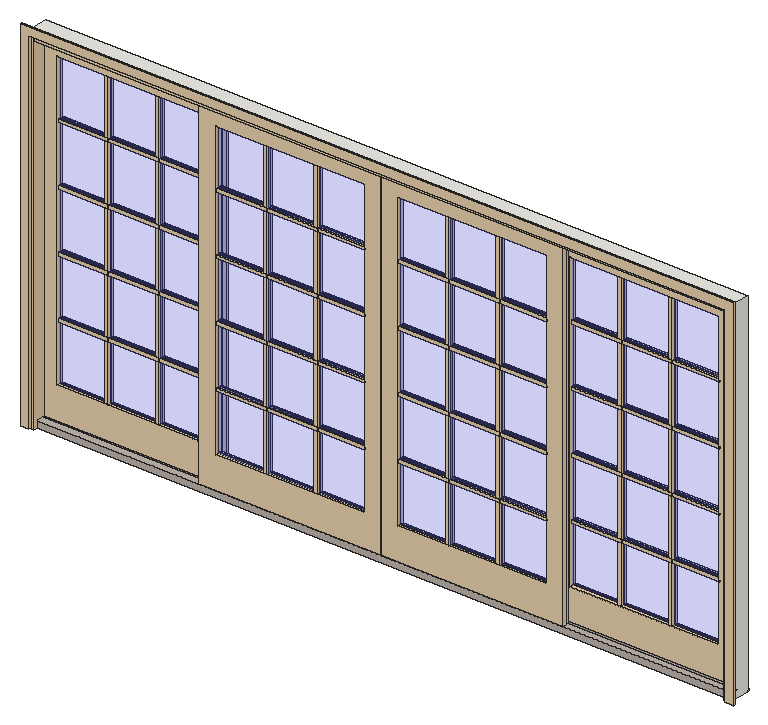
Revit family "2Door-Gliding-Andersen-400_Series-Quad", category Doors, host Wall, Revit 2013
Parameters (values of type "15' 9" x 7' 11-1/2"")
  Type Comments = "Vinyl-clad wood Gliding Patio Door"  # constant formula
  Rough Width = Width + (Rough Opening Offset * 2)  # 15' - 9 1/2"
  Rough Opening Offset = 0' - 0 1/4"
  Rough Height = if(1 > 0, Height + 0' 0 1/2", 0' 0")  # 8' - 0"
  Masonry Width = if(Enter Exterior Trim Number > 0, Width + ((casing4 + Masonry Opening Offset) * 2), Width + (Masonry Opening Offset * 2))  # 15' - 9 1/2"
  Masonry Opening Offset = 0' - 0 1/4"
  Masonry Height = if(Enter Exterior Trim Number > 0, Height + (casing4 + 0' 0 1/2"), Height + 0' 0 1/2")  # 8' - 0"
  Learn About These Parameters = "http://www.andersenwindows.com/for-professionals/cad-symbols-bim-support-window-doors/bim-support"
  Interior Grille Bar Visibility = yes
  Grille Bar Sizes = "3/4'', 7/8'', 1 1/8'', 2 1/4''"  # constant formula
  Exterior Grille Bar Visibility = yes
  Between Glass Grille Bar Sizes = "3/4'', 1''"  # constant formula
  Interior Trim Visibility = yes
  Grille Bar Size = 0' - 0 7/8"
  Enter Pattern Number = 1
  Analytic Construction = "<None>"
  ..Pattern Number 1 = "Colonial"  # constant formula
  . . Lights Wide = 3
  . . Lights High = 5
  ..Pattern Number 2 = "Modified Colonial"  # constant formula
  ..Pattern Number 3 = "Prairie"  # constant formula
  ..Pattern Number 4 = "Short Fractional"  # constant formula
  ..Pattern Number 5 = "Tall Fractional"  # constant formula
  Extension Jamb Visibility = yes
  Enter Exterior Trim Number = 0
  ..Exterior Trim Number 0 = "No Exterior Trim"  # constant formula
  ..Exterior Trim  Number 1 = "Brick Mould"  # constant formula
  ..Exterior Trim Number 2 = "3 1/2'' Flat Casing"  # constant formula
  ..Exterior Trim  Number 3 = "4 1/2'' Flat Casing"  # constant formula
  Between Glass Grille Bar Visibility = yes
  xjamb Visibility [instance] = and(Extension Jamb Visibility, Wall Depth > 0' 4 9/16")  # no
  xjamb S1 [instance] = if(Wall Depth < 0' 4 5/8", 0' 0 1/16", 0' 0")  # 0' - 0 1/16"
  casingS2 = if(Enter Exterior Trim Number = 1, 0' 0 3/16", 0' 0 3/16")  # 0' - 0 3/16"
  casingS1 = if(Enter Exterior Trim Number = 1, 0' 0 7/16", 0' 0 3/16")  # 0' - 0 3/16"
  casing4 = if(Enter Exterior Trim Number = 1, 0' 1 3/4", if(Enter Exterior Trim Number = 2, 0' 3 1/4", 0' 4 1/4"))  # 0' - 4 1/4"
  casing3 = 0' - 0 1/2"  # constant formula
  casing2 = 0' - 0 7/8"  # constant formula
  casing1 = 0' - 0 1/4"  # constant formula
  Wall Thickness [instance] = 0' - 8"
  Wall Depth [instance] = 0' - 4 9/16"
  Void Offset 1 [instance] = if(Enter Exterior Trim Number > 0, casing4, 0' 0")  # 0' - 0"
  Void Depth [instance] = if(Wall Thickness > Wall Depth, 0' 1" + Wall Thickness - Wall Depth, 0' 1")  # 0' - 4 7/16"
  VGB DLO = if(Enter Pattern Number = 3, 0' 4", (H DLO - (Grille Bar Size * (V Bars))) / if(LWide > 2, LWide, 3))  # 1' - 0 53/64"
  V Bars = if(Enter Pattern Number = 3, 2, if(LWide > 2, LWide - 1, 2))  # 2
  URL = "www.andersenwindows.com"
  TS V DLO = Height - HGO - SGO  # 6' - 7 3/8"
  TS V Bar Length = if(or(Enter Pattern Number = 5, Enter Pattern Number = 2), ((((Height - HGO - SGO - (Grille Bar Size * (Fractional Lights High - 1))) / Fractional Lights High)) * TFL) + (TFB * Grille Bar Size), if(Enter Pattern Number = 4, ((Height - HGO - SGO - (Grille Bar Size * (Fractional Lights High - 1))) / Fractional Lights High), Height - HGO - SGO))  # 6' - 7 3/8"
  TS SH DLO = if(or(Enter Pattern Number = 5, Enter Pattern Number = 2), ((((Height - HGO - SGO - (Grille Bar Size * (Fractional Lights High - 1))) / Fractional Lights High)) * TFL) + (TFB * Grille Bar Size) + HGO + (Grille Bar Size / 2), if(Enter Pattern Number = 4, TS V Bar Length + HGO + (Grille Bar Size / 2), (TS V DLO / 2) + HGO))  # 3' - 9 1/4"
  TS S V = or(and(LWide = 2, Enter Pattern Number = 1), and(Fractional Lights Wide = 2, or(or(Enter Pattern Number = 2, Enter Pattern Number = 4), Enter Pattern Number = 5)))  # no
  TS S H Craftsman = and(Enter Pattern Number = 2, or(Fractional Lights High = 4, Fractional Lights High = 5))  # no
  TS S H = or(or(or(and(. . Lights High = 2, Enter Pattern Number = 1), and(Enter Pattern Number = 4, Fractional Lights High > 1)), and(Enter Pattern Number = 5, Fractional Lights High > 1)), and(Enter Pattern Number = 2, Fractional Lights High > 1))  # no
  TS M V = and(Enter Pattern Number > 0, LWide > 2)  # yes
  TS M H = or(or(Enter Pattern Number = 3, and(. . Lights High > 2, Enter Pattern Number = 1)), and(Enter Pattern Number = 2, Fractional Lights High > 5))  # yes
  TS HGB DLO = if(Enter Pattern Number = 1, if(. . Lights High > 2, ((TS V Bar Length - (Grille Bar Size * (. . Lights High - 1))) / . . Lights High), 0' 4"), if(Enter Pattern Number = 3, 0' 4", if(Fractional Lights High > 2, ((TS V Bar Length - (Grille Bar Size * 2)) / 3), 0' 4")))  # 1' - 3.175"
  TS H Bars = if(Enter Pattern Number = 3, 2, if(Enter Pattern Number = 1, if(. . Lights High > 2, . . Lights High - 1, 2), 2))  # 4
  TFL = if(Fractional Lights High > 5, 3, if(or(Fractional Lights High = 4, Fractional Lights High = 5), 2, if(or(Fractional Lights High = 2, Fractional Lights High = 3), 1, 1)))  # 2
  TFB = TFL - 1  # 1
  Sill Interior Offset [instance] = 0' - 0"  # constant formula
  Sill Height [instance] = 0' - 1 25/32"  # constant formula
  Panel Bottom Inset [instance] = 0' - 2 5/32"  # constant formula
  Sill Depth [instance] = 0' - 5 1/2"  # constant formula
  SGO = 0' - 10 9/16"  # constant formula
  Product Documentation Link = "http://www.andersenwindows.com/products/400-series-frenchwood-gliding-patio-door/"
  Panel Width = ((Width / 4) - 0' 1 3/4") + 0' 3 1/2"  # 4' - 1"
  Panel Height [instance] = (CTRL Height - 0' 0 1/2" - Panel Bottom Inset) - 0' 0 15/32"  # 7' - 8 3/8"
  Nail Fin Visibility = Enter Exterior Trim Number = 0  # yes
  Model = "400 Series Gliding"  # constant formula
  Manufacturer = "Andersen Corporation"  # constant formula
  LWide = if(Enter Pattern Number = 3, 3, if(Enter Pattern Number = 1, . . Lights Wide, Fractional Lights Wide))  # 3
  JGO = 0' - 5 5/16"  # constant formula
  Is Gliding = 1 = 1  # yes
  Interior Trim Size = 0' - 2 1/4"
  Interior Material = Wood - Andersen - Pine
  Horizontal Craftsman Bar Size = 0' - 0 3/4"
  HGO = 0' - 5 9/16"  # constant formula
  H DLO = (Width / 4) - JGO - 0' 1 45/64"  # 3' - 4 15/64"
  Glazing Material = Glass ‐ Andersen - Low-E4 SmartSun
  Function = Exterior
  Height = 7' - 11 1/2"
  Wall Closure = By host
  Width = 15' - 9"
  Frame Interior Inset [instance] = 0' - 0"  # constant formula
  Frame Depth [instance] = 0' - 5 7/8"  # constant formula
  Fractional Lights Wide = 4
  Fractional Lights High = 5
  Family Version = "06.01.14"  # constant formula
  Exterior Unit Finish = Vinyl - Andersen - White
  Exterior Trim Finish = Fibrex Composite - Andersen - White
  Designation = "FWG16080-4"
  Description = "Vinyl-clad wood Gliding Patio Door"  # constant formula
  Coarse Plan [instance] = if(Wall Depth > Wall Thickness, Wall Thickness, Wall Depth)  # 0' - 4 9/16"
  Casing Visibility [instance] = Enter Exterior Trim Number > 0  # no
  CTRL Height [instance] = Height  # 7' - 11 1/2"
  Between Glass Grille Bar Finish = Stainless Steel - Andersen - Standard
  BS V DLO = Height - HGO - SGO  # 6' - 7 3/8"
  BS SH DLO = if(Enter Pattern Number = 5, SGO + 0' 4" + (Grille Bar Size / 2), (BS V DLO / 2) + SGO)  # 4' - 2 1/4"
  BS S V = and(LWide = 2, Enter Pattern Number = 1)  # no
  BS S H = no
  BS M V = or(or(and(LWide > 2, Enter Pattern Number = 1), Enter Pattern Number = 3), Enter Pattern Number = 5)  # yes
  BS M H = no
  BS HGB DLO = 0' - 2"
  BS H Bars = 2
Reference planes (in)
  plane 1 "Center (Front/Back)": y = 0
  plane 2 "Center (Left/Right)": x = 0
  plane 3 "R Frame": x = -94.5
  plane 4 "L Frame": x = 94.5
  plane 5 "T Frame": z = 95.5
  plane 6 "Wall S1": y = 3.71875
  plane 7 "Wall S2": y = -4.28125
  plane 8 "Interior Casing": y = -4.90625
  plane 9 "Frame S2": y = -4.28125
  plane 10 "Flange": y = 0.28125
  plane 11 "Frame S1": y = 1.59375
  plane 12 "Casing S2": y = 1.78125
  plane 13 "Casing S1": y = 1.78125
  plane 14 "Exterior Offset": y = 4.71875
  plane 15 "Coarse Detail Plan": y = 1.5625
  plane 16 "R Rough Opening": x = -94.75
  plane 17 "R Casing 1": x = -94.25
  plane 18 "R Casing 2": x = -97.875
  plane 19 "R Casing 3": x = -98.25
  plane 20 "R Casing 4": x = -98.75
  plane 21 "R Masonry Opening": x = -94.75
  plane 22 "L Masonry Opening": x = 94.75
  plane 23 "L Casing 4": x = 98.75
  plane 24 "L Casing 3": x = 98.25
  plane 25 "L Casing 2": x = 97.875
  plane 26 "L Casing 1": x = 94.25
  plane 27 "L Rough Opening": x = 94.75
  plane 28 "T Rough Opening": z = 96
  plane 29 "T Casing 1": z = 95.25
  plane 30 "T Casing 2": z = 98.875
  plane 31 "T Casing 3": z = 99.25
  plane 32 "T Casing 4": z = 99.75
  plane 33 "T Masonry Opening": z = 96
  plane 34 "R Int Casing": x = -96
  plane 35 "R Xjamb 2": x = -94.375
  plane 36 "R Xjamb 1": x = -93.75
  plane 37 "L Int Casing": x = 96
  plane 38 "L Xjamb 2": x = 94.375
  plane 39 "L Xjamb 1": x = 93.75
  plane 40 "T Int Casing": z = 97
  plane 41 "T Xjamb 2": z = 95.375
  plane 42 "T Xjamb 1": z = 94.75
  plane 43 "L Panel": x = 93.562
  plane 44 "R Panel": x = -93.5625
  plane 45 "T Panel": z = 94.34375
  plane 46 "B Panel": z = 1.96875
  plane 47 "B Glazing": z = 10.5625
  plane 48 "T Glazing": z = 89.9375
  plane 49 "L Glazing": x = 89.1875
  plane 50 "R Glazing": x = -89.1875
  plane 51 "Panel1 S1": y = -1.80616
  plane 52 "Panel1 S2": y = -3.52491
  plane 53 "Xjamb S1": y = -4.21875
  plane 54 "Frame S2 Ext": y = 1.59375
  plane 55 "Stop Exterior": y = -1.7389
  plane 56 "Stop Interior": y = -2.12494
  plane 57 "Sill Interior": y = -4.28125
  plane 58 "Sill Exterior": y = 1.21875
  plane 59 "L Stop": x = 92.78075
  plane 60 "R Stop": x = -92.781
  plane 61 "T Stop": z = 93.69848
  plane 62 "Sill Height": z = 1.78125
  plane 63 "Panel2 S1": y = 0.5785
  plane 64 "Panel2 S2": y = -1.14025
  plane 65 "RS Panel Width": x = -44.5625
  plane 66 "LS Panel Width": x = 44.562
  plane 67 "RS Panel Jamb": x = -49
  plane 68 "LS Panel Glazing": x = 48.9995
  plane 69 "Panel 1 Glazing 1": y = -2.96241
  plane 70 "Panel 1 Glazing 2": y = -2.21241
  plane 71 "Panel 2 Glazing 2": y = -0.57775
  plane 72 "Panel 2 Glazing 1": y = 0.17225
  plane 73 "Panel Elevation Center": z = 48.15625
  plane 74 "Vertical Bar Length": z = 10.5625
  plane 75 "L Slide Arrow": x = 11.437
  plane 76 "RA Panel Glazing": x = -4.4375
  plane 77 "LA Panel Glazing": x = 4.437
  plane 78 "RA Panel Width": x = -0.0005
  plane 79 "LA Panel Width": x = 0
  plane 80 "R Slide Arrow": x = -11.4375
Forms (in)
  Extrusion 1, void
    sketch origin (0, 0, 0) x (1, 0, 0) y (0, 0, 1)
      loop
        line (94.5, 95.5) -> (-94.5, 95.5) -> (-94.5, 0) -> (94.5, 0) -> (94.5, 95.5)
    from -0.28125 to 4.28125
  Extrusion 2, void
    sketch origin (0, 0, 0) x (1, 0, 0) y (0, 0, 1)
      loop
        line (94.5, 95.5) -> (-94.5, 95.5) -> (-94.5, 0) -> (94.5, 0) -> (94.5, 95.5)
    from -15.71875 to -0.28125
  Sweep 3, solid, material "Fibrex Composite - Andersen - White" <- "Exterior Trim Finish", visible <- "Casing Visibility", detail levels medium+fine
    path origin (0, 0.28125, 0) x (-1, 0, 0) y (0, 0, 1)
      loop
        line (-98.75, 0) -> (-98.75, 99.75) -> (98.75, 99.75) -> (98.75, 0)
    profile origin (98.75, 0.28125, 49.875) x (1, 0, 0) y (0, 1, 0)
      loop
        line (-0.875, 1.5) -> (-4.5, 1.5) -> (-4.5, 0) -> (0, 0) -> (0, 1.5) -> (-0.5, 1.5) -> (-0.875, 1.5)
  Extrusion 4, solid, material "Fibrex Composite - Andersen - White" <- "Exterior Trim Finish", visible <- "Casing Visibility", detail levels coarse
    sketch origin (0, 0.28125, 0) x (-1, 0, 0) y (0, 0, 1)
      loop
        line (-94.25, 95.25) -> (94.25, 95.25) -> (94.25, 0) -> (98.75, 0) -> (98.75, 99.75) -> (-98.75, 99.75) -> (-98.75, 0) -> (-94.25, 0) -> (-94.25, 95.25)
    from 0 to 1.4375
  Extrusion 5, solid, material "Wood - Andersen - Pine" <- "Interior Material", visible <- "Interior Trim Visibility", detail levels fine
    sketch origin (0, 0, 0) x (1, 0, 0) y (0, 0, 1)
      loop
        line (-93.75, 94.75) -> (93.75, 94.75) -> (93.75, 0) -> (96, 0) -> (96, 97) -> (-96, 97) -> (-96, 0) -> (-93.75, 0) -> (-93.75, 94.75)
    from 4.28125 to 4.90625
  Extrusion 6, solid, visible <- "xjamb Visibility", detail levels medium+fine
    sketch origin (0, 0, 0) x (1, 0, 0) y (0, 0, 1)
      loop
        line (-94.375, 0) -> (-93.75, 0) -> (-93.75, 94.75) -> (93.75, 94.75) -> (93.75, 0) -> (94.375, 0) -> (94.375, 95.375) -> (-94.375, 95.375) -> (-94.375, 0)
    from 4.21875 to 4.28125
  Sweep 7, solid, material "Vinyl - Andersen - White" <- "Exterior Unit Finish", detail levels medium+fine
    path origin (0, 0.28125, 0) x (-1, 0, 0) y (0, 0, 1)
      loop
        line (-94.5, 95.5) -> (94.5, 95.5)
    profile origin (0, 0.28125, 95.5) x (0, 0, 1) y (0, 1, 0)
      loop
        line (0, 1.374) -> (-1, 1.374) -> (-1, -1.5015) -> (-1.75, -1.5015) -> (-1.75, -1.8925) -> (-1, -1.8925) -> (-1, -3.8103) -> (-1.807, -3.8103) -> (-1.807, -4.5) -> (0, -4.5) -> (0, 1.374)
  Sweep 8, solid, material "Vinyl - Andersen - White" <- "Exterior Unit Finish", detail levels coarse
    path origin (-0.30351, 0.28125, 0) x (-1, 0, 0) y (0, 0, 1)
      loop
        line (-94.80351, 0) -> (-94.80351, 95.5) -> (94.19649, 95.5) -> (94.19649, 0)
    profile origin (94.5, 0.28125, 47.75) x (1, 0, 0) y (0, 1, 0)
      loop
        line (-0.938, -4.5625) -> (0, -4.5625) -> (0, 0.9375) -> (-0.938, 0.9375) -> (-0.938, -4.5625)
  Sweep 9, solid, material "Aluminum - Andersen - Painted - Sandtone", detail levels medium+fine
    path origin (0, 0.28125, 0) x (-1, 0, 0) y (0, 0, 1)
      loop
        line (-94.5, 0) -> (94.5, 0)
    profile origin (0, 0.28125, 0) x (0, 0, 1) y (0, 1, 0)
      loop
        line (0, -3.81874) -> (1.97899, -3.81874) -> (1.97899, -2.03774) -> (1.13799, -2.03774) -> (1.13799, -2.40274) -> (0.50217, -2.40274) -> (0.46791, -1.4215) -> (1.95727, -1.4215) -> (1.95727, 0.3525) -> (0.40596, 0.3525) -> (0.3616, 1.69029) -> (0, 1.69029) -> (0, -3.81874)
  Sweep 10, solid, material "Aluminum - Andersen - Painted - Sandtone", detail levels coarse
    path origin (0, 0.28125, 0) x (-1, 0, 0) y (0, 0, 1)
      loop
        line (-94.5, 1.96875) -> (94.5, 1.96875)
    profile origin (0, 0.28125, 1.96875) x (0, 0, 1) y (0, 1, 0)
      loop
        line (0, 0.9375) -> (-1.96875, 0.9375) -> (-1.96875, -4.5625) -> (0, -4.5625) -> (0, 0.9375)
  Sweep 11, solid, material "Wood - Andersen - Pine" <- "Interior Material"
    path origin (0, -3.52491, 0) x (-1, 0, 0) y (0, 0, 1)
      loop
        line (-44.562, 1.96875) -> (-44.562, 94.34375) -> (-93.562, 94.34375) -> (-93.562, 1.96875)
    profile origin (69.062, -3.52491, 94.34375) x (0, 0, -1) y (0, 1, 0)
      loop
        line (0, 2.38466) -> (4.40625, 2.38466) -> (4.40625, 3.69716) -> (0, 3.69716) -> (0, 2.38466)
  Sweep 12, solid, material "Wood - Andersen - Pine" <- "Interior Material"
    path origin (0, -1.80616, 0) x (-1, 0, 0) y (0, 0, 1)
      loop
        line (-48.9995, 1.96875) -> (-48.9995, 94.34375) -> (0.0005, 94.34375) -> (0.0005, 1.96875)
    profile origin (24.4995, -1.80616, 94.34375) x (0, 0, 1) y (0, 1, 0)
      loop
        line (0, -0.40625) -> (-4.40625, -0.40625) -> (-4.40625, -1.71875) -> (0, -1.71875) -> (0, -0.40625)
  Sweep 13, solid, material "Glass ‐ Andersen - Low-E4 SmartSun" <- "Glazing Material"
    path origin (0, 1.21875, 0) x (-1, 0, 0) y (0, 0, 1)
      loop
        line (0, 10.5625) -> (0, 89.9375)
    profile origin (0, 1.21875, 50.25) x (1, 0, 0) y (0, 1, 0)
      loop
        line (4.40575, -3.43116) -> (4.40575, -4.18116) -> (44.59325, -4.18116) -> (44.59325, -3.43116) -> (4.40575, -3.43116)
      loop
        line (48.96825, -1.7965) -> (89.1875, -1.7965) -> (89.1875, -1.0465) -> (48.96825, -1.0465) -> (48.96825, -1.7965)
      loop
        line (-44.59375, -3.43116) -> (-44.59375, -4.18116) -> (-4.40625, -4.18116) -> (-4.40625, -3.43116) -> (-44.59375, -3.43116)
      loop
        line (-89.15625, -1.7965) -> (-48.96875, -1.7965) -> (-48.96875, -1.0465) -> (-89.15625, -1.0465) -> (-89.15625, -1.7965)
  Sweep 14, solid, material "Vinyl - Andersen - White" <- "Exterior Unit Finish"
    path origin (0, 1.21875, 0) x (-1, 0, 0) y (0, 0, 1)
      loop
        line (0.0005, 1.96875) -> (0.0005, 94.34375) -> (-48.9995, 94.34375) -> (-48.9995, 1.96875)
    profile origin (24.4995, 1.21875, 94.34375) x (0, 0, -1) y (0, 1, 0)
      loop
        line (0, -3.02491) -> (0, -3.43116) -> (4.40625, -3.43116) -> (4.40625, -3.02491) -> (0, -3.02491)
  Sweep 15, solid, material "Vinyl - Andersen - White" <- "Exterior Unit Finish"
    path origin (0, 1.21875, 0) x (-1, 0, 0) y (0, 0, 1)
      loop
        line (-44.562, 1.96875) -> (-44.562, 94.34375) -> (-93.562, 94.34375) -> (-93.562, 1.96875)
    profile origin (69.062, 1.21875, 94.34375) x (0, 0, -1) y (0, 1, 0)
      loop
        line (0, -0.64025) -> (0, -1.0465) -> (4.40625, -1.0465) -> (4.40625, -0.64025) -> (0, -0.64025)
  Sweep 16, solid, material "Vinyl - Andersen - White" <- "Exterior Unit Finish", detail levels medium+fine
    path origin (0, 0.17225, 0) x (-1, 0, 0) y (0, 0, 1)
      loop
        line (-94.5, 0) -> (-94.5, 95.5)
    profile origin (94.5, 0.17225, 47.75) x (1, 0, 0) y (0, 1, 0)
      loop
        line (-1.719, -4.391) -> (0, -4.391) -> (0, 1.484) -> (-1.375, 1.484) -> (-1.375, 0.48524) -> (-0.938, 0.46997) -> (-0.938, -1.47956) -> (-1.375, -1.53745) -> (-1.375, -1.25) -> (-1.719, -1.25) -> (-1.719, -4.391)
      loop
        line (-187.281, -4.4535) -> (-187.281, -1.3125) -> (-187.625, -1.3125) -> (-187.625, -1.59995) -> (-188.062, -1.54206) -> (-188.062, 0.40747) -> (-187.625, 0.42274) -> (-187.625, 1.4215) -> (-189, 1.4215) -> (-189, -4.4535) -> (-187.281, -4.4535)
  Sweep 17, solid, material "Wood - Andersen - Pine" <- "Interior Material"
    path origin (0, 0.17225, 0) x (-1, 0, 0) y (0, 0, 1)
      loop
        line (-48.96825, 1.96875) -> (-89.1875, 1.96875)
    profile origin (69.07788, 0.17225, 1.96875) x (0, 0, -1) y (0, 1, 0)
      loop
        line (-8.59375, 0) -> (-8.59375, -1.3125) -> (0, -1.3125) -> (0, 0) -> (-8.59375, 0)
  Sweep 18, solid, material "Wood - Andersen - Pine" <- "Interior Material"
    path origin (0, 0.17225, 0) x (-1, 0, 0) y (0, 0, 1)
      loop
        line (-4.40575, 1.96875) -> (-44.59325, 1.96875)
    profile origin (24.4995, 0.17225, 1.96875) x (0, 0, -1) y (0, 1, 0)
      loop
        line (-8.59375, -2.38466) -> (-8.59375, -3.69716) -> (0, -3.69716) -> (0, -2.38466) -> (-8.59375, -2.38466)
  Sweep 19, solid, material "Vinyl - Andersen - White" <- "Exterior Unit Finish"
    path origin (0, 0.17225, 0) x (-1, 0, 0) y (0, 0, 1)
      loop
        line (-48.96825, 1.96875) -> (-89.1875, 1.96875)
    profile origin (69.07788, 0.17225, 1.96875) x (0, 0, -1) y (0, 1, 0)
      loop
        line (-8.59375, 0.40625) -> (-8.59375, 0) -> (0, 0) -> (0, 0.40625) -> (-8.59375, 0.40625)
  Sweep 20, solid, material "Vinyl - Andersen - White" <- "Exterior Unit Finish"
    path origin (0, 0.17225, 0) x (-1, 0, 0) y (0, 0, 1)
      loop
        line (-4.40575, 1.96875) -> (-44.59325, 1.96875)
    profile origin (24.4995, 0.17225, 1.96875) x (0, 0, -1) y (0, 1, 0)
      loop
        line (-8.59375, -1.97841) -> (-8.59375, -2.38466) -> (0, -2.38466) -> (0, -1.97841) -> (-8.59375, -1.97841)
  Sweep 21, solid, material "Wood - Andersen - Pine" <- "Interior Material"
    path origin (-34.21825, -1.80616, 0) x (-1, 0, 0) y (0, 0, 1)
      loop
        line (-34.21825, 1.96875) -> (-34.21825, 94.34375) -> (14.78175, 94.34375) -> (14.78175, 1.96875)
    profile origin (-24.5, -1.80616, 94.34375) x (0, 0, 1) y (0, 1, 0)
      loop
        line (0, -0.40625) -> (-4.40625, -0.40625) -> (-4.40625, -1.71875) -> (0, -1.71875) -> (0, -0.40625)
  Sweep 22, solid, material "Vinyl - Andersen - White" <- "Exterior Unit Finish"
    path origin (-34.187, 1.21875, 0) x (-1, 0, 0) y (0, 0, 1)
      loop
        line (14.813, 1.96875) -> (14.813, 94.34375) -> (-34.187, 94.34375) -> (-34.187, 1.96875)
    profile origin (-24.5, 1.21875, 94.34375) x (0, 0, -1) y (0, 1, 0)
      loop
        line (0, -3.02491) -> (0, -3.43116) -> (4.40625, -3.43116) -> (4.40625, -3.02491) -> (0, -3.02491)
  Sweep 23, solid, material "Wood - Andersen - Pine" <- "Interior Material"
    path origin (-34.187, 0.17225, 0) x (-1, 0, 0) y (0, 0, 1)
      loop
        line (10.40675, 1.96875) -> (-29.78075, 1.96875)
    profile origin (-24.5, 0.17225, 1.96875) x (0, 0, -1) y (0, 1, 0)
      loop
        line (-8.59375, -2.38466) -> (-8.59375, -3.69716) -> (0, -3.69716) -> (0, -2.38466) -> (-8.59375, -2.38466)
  Sweep 24, solid, material "Vinyl - Andersen - White" <- "Exterior Unit Finish"
    path origin (-34.187, 0.17225, 0) x (-1, 0, 0) y (0, 0, 1)
      loop
        line (10.40675, 1.96875) -> (-29.78075, 1.96875)
    profile origin (-24.5, 0.17225, 1.96875) x (0, 0, -1) y (0, 1, 0)
      loop
        line (-8.59375, -1.97841) -> (-8.59375, -2.38466) -> (0, -2.38466) -> (0, -1.97841) -> (-8.59375, -1.97841)
  Sweep 25, solid, material "Wood - Andersen - Pine" <- "Interior Material"
    path origin (-89.562, -3.52491, 0) x (-1, 0, 0) y (0, 0, 1)
      loop
        line (4.0005, 1.96875) -> (4.0005, 94.34375) -> (-44.9995, 94.34375) -> (-44.9995, 1.96875)
    profile origin (-69.0625, -3.52491, 94.34375) x (0, 0, -1) y (0, 1, 0)
      loop
        line (0, 2.38466) -> (4.40625, 2.38466) -> (4.40625, 3.69716) -> (0, 3.69716) -> (0, 2.38466)
  Sweep 26, solid, material "Vinyl - Andersen - White" <- "Exterior Unit Finish"
    path origin (-89.59325, 1.21875, 0) x (-1, 0, 0) y (0, 0, 1)
      loop
        line (3.96925, 1.96875) -> (3.96925, 94.34375) -> (-45.03075, 94.34375) -> (-45.03075, 1.96875)
    profile origin (-69.0625, 1.21875, 94.34375) x (0, 0, -1) y (0, 1, 0)
      loop
        line (0, -0.64025) -> (0, -1.0465) -> (4.40625, -1.0465) -> (4.40625, -0.64025) -> (0, -0.64025)
  Sweep 27, solid, material "Wood - Andersen - Pine" <- "Interior Material"
    path origin (-89.59325, 0.17225, 0) x (-1, 0, 0) y (0, 0, 1)
      loop
        line (-0.437, 1.96875) -> (-40.6245, 1.96875)
    profile origin (-69.0625, 0.17225, 1.96875) x (0, 0, -1) y (0, 1, 0)
      loop
        line (-8.59375, 0) -> (-8.59375, -1.3125) -> (0, -1.3125) -> (0, 0) -> (-8.59375, 0)
  Sweep 28, solid, material "Vinyl - Andersen - White" <- "Exterior Unit Finish"
    path origin (-89.75, 0.17225, 0) x (-1, 0, 0) y (0, 0, 1)
      loop
        line (-0.59375, 1.96875) -> (-40.78125, 1.96875)
    profile origin (-69.0625, 0.17225, 1.96875) x (0, 0, -1) y (0, 1, 0)
      loop
        line (-8.59375, 0.40625) -> (-8.59375, 0) -> (0, 0) -> (0, 0.40625) -> (-8.59375, 0.40625)
  Sweep 29, void
    path origin (0, 0.28125, 0) x (-1, 0, 0) y (0, 0, 1)
      loop
        line (0, 0) -> (0, 1.96875)
    profile origin (0, 0.28125, 0.98438) x (1, 0, 0) y (0, 1, 0)
      loop
        line (-93.562, 0.31374) -> (-93.125, 0.31374) -> (-93.125, 1.3125) -> (-94.5, 1.3125) -> (-94.5, -4.5625) -> (-92.781, -4.5625) -> (-92.781, -1.4215) -> (-93.125, -1.4215) -> (-93.125, -1.70895) -> (-93.562, -1.65106) -> (-93.562, 0.31374)
      loop
        line (93.562, 0.37624) -> (93.562, -1.58856) -> (93.125, -1.64645) -> (93.125, -2.08741) -> (92.781, -2.08741) -> (92.781, -4.5625) -> (94.5, -4.5625) -> (94.5, 1.3125) -> (93.125, 1.3125) -> (93.125, 0.37624) -> (93.562, 0.37624)
  Sweep 30, void
    path origin (0, 0.28125, 0) x (-1, 0, 0) y (0, 0, 1)
      loop
        line (0, 0) -> (0, 1.96875)
    profile origin (0, 0.28125, 0.98438) x (1, 0, 0) y (0, 1, 0)
      loop
        line (94.5, 1.3125) -> (93.562, 1.3125) -> (93.562, -4.5625) -> (94.5, -4.5625) -> (94.5, 1.3125)
      loop
        line (-93.562, 1.3125) -> (-94.5, 1.3125) -> (-94.5, -4.5625) -> (-93.562, -4.5625) -> (-93.562, 1.3125)
Cuts and joins
  joined: Sweep 15, Sweep 19
  joined: Sweep 14, Sweep 20
  joined: Sweep 12, Sweep 18
  joined: Sweep 11, Sweep 17
  joined: Sweep 22, Sweep 24
  joined: Sweep 21, Sweep 23
  joined: Sweep 25, Sweep 27
  joined: Sweep 26, Sweep 28
  joined: Sweep 7, Sweep 16
  Sweep 29 cuts Sweep 9
  Sweep 30 cuts Sweep 10
Lines and regions (in)
  Masking region 1, visible <- "Casing Visibility"
    outline origin (0, 0, 0) x (0, 1, 0) y (0, 0, 1)
      loop
        line (0.28125, 95.5) -> (1.59375, 95.5) -> (1.59375, 0) -> (1.78125, 0) -> (1.78125, 99.75) -> (0.28125, 99.75) -> (0.28125, 95.5)
  Masking region 2
    outline origin (0, 0, 0) x (1, 0, 0) y (0, 1, 0)
      loop
        line (-94.5, 1.59375) -> (-94.5, -4.28125) -> (94.5, -4.28125) -> (94.5, 1.59375) -> (-94.5, 1.59375)
  Masking region 3
    outline origin (0, 0, 0) x (0, 1, 0) y (0, 0, 1)
      loop
        line (1.59375, 95.5) -> (-4.28125, 95.5) -> (-4.28125, 0) -> (1.59375, 0) -> (1.59375, 95.5)
  Masking region 4, visible <- "Casing Visibility", detail levels fine
    outline origin (0, 0, 0) x (1, 0, 0) y (0, 1, 0)
      loop
        line (-98.25, 1.78125) -> (-98.75, 1.78125) -> (-98.75, 0.28125) -> (-94.5, 0.28125) -> (-94.5, 1.59375) -> (-94.25, 1.59375) -> (-94.25, 1.78125) -> (-97.875, 1.78125) -> (-98.25, 1.78125)
  Masking region 5, visible <- "Casing Visibility", detail levels fine
    outline origin (0, 0, 0) x (1, 0, 0) y (0, 1, 0)
      loop
        line (98.25, 1.78125) -> (97.875, 1.78125) -> (94.25, 1.78125) -> (94.25, 1.59375) -> (94.5, 1.59375) -> (94.5, 0.28125) -> (98.75, 0.28125) -> (98.75, 1.78125) -> (98.25, 1.78125)
  Masking region 6, visible <- "Casing Visibility", detail levels coarse+medium
    outline origin (0, 0, 0) x (1, 0, 0) y (0, 1, 0)
      loop
        line (-98.75, 1.78125) -> (-98.75, 0.28125) -> (-94.5, 0.28125) -> (-94.5, 1.78125) -> (-98.75, 1.78125)
  Masking region 7, visible <- "Casing Visibility", detail levels coarse+medium
    outline origin (0, 0, 0) x (1, 0, 0) y (0, 1, 0)
      loop
        line (94.5, 1.78125) -> (94.5, 0.28125) -> (98.75, 0.28125) -> (98.75, 1.78125) -> (94.5, 1.78125)
  Masking region 8, visible <- "Casing Visibility"
    outline origin (0, 1.21875, 0) x (-1, 0, 0) y (0, 0, 1)
      loop
        line (-98.75, 99.75) -> (-98.75, 0) -> (-94.5, 0) -> (-94.5, 95.5) -> (94.5, 95.5) -> (94.5, 0) -> (98.75, 0) -> (98.75, 99.75) -> (-98.75, 99.75)
  Masking region 9, visible <- "Interior Trim Visibility", detail levels fine
    outline origin (0, -4.90625, 0) x (-1, 0, 0) y (0, 0, 1)
      loop
        line (-96, 97) -> (-96, 0) -> (-93.75, 0) -> (-93.75, 94.75) -> (93.75, 94.75) -> (93.75, 0) -> (96, 0) -> (96, 97) -> (-96, 97)
  Masking region 10
    outline origin (0, -4.28125, 0) x (-1, 0, 0) y (0, 0, 1)
      loop
        line (-94.5, 95.5) -> (-94.5, 0) -> (94.5, 0) -> (94.5, 95.5) -> (-94.5, 95.5)
      loop
        line (-92.78075, 93.69848) -> (-92.78075, 1.78125) -> (92.781, 1.78125) -> (92.781, 93.69848) -> (-92.78075, 93.69848)
  Masking region 11
    outline origin (0, 1.21875, 0) x (-1, 0, 0) y (0, 0, 1)
      loop
        line (94.5, 95.5) -> (-94.5, 95.5) -> (-94.5, 0) -> (94.5, 0) -> (94.5, 95.5)
      loop
        line (92.781, 93.69848) -> (-92.78075, 93.69848) -> (-92.78075, 1.96875) -> (92.781, 1.96875) -> (92.781, 93.69848)
  Masking region 12
    outline origin (0, -1.80616, 0) x (-1, 0, 0) y (0, 0, 1)
      loop
        line (49, 94.34375) -> (-48.9995, 94.34375) -> (-48.9995, 1.96875) -> (49, 1.96875) -> (49, 94.34375)
  Masking region 13
    outline origin (0, -1.14025, 0) x (-1, 0, 0) y (0, 0, 1)
      loop
        line (-44.562, 94.34375) -> (-93.562, 94.34375) -> (-93.562, 1.96875) -> (-44.562, 1.96875) -> (-44.562, 94.34375)
      loop
        line (44.5625, 94.34375) -> (44.5625, 1.96875) -> (93.5625, 1.96875) -> (93.5625, 94.34375) -> (44.5625, 94.34375)
  Masking region 14, visible <- "Interior Trim Visibility", detail levels fine
    outline origin (0, 0, 0) x (1, 0, 0) y (0, 1, 0)
      loop
        line (-96, -4.28125) -> (-96, -4.90625) -> (-93.75, -4.90625) -> (-93.75, -4.28125) -> (-96, -4.28125)
  Masking region 15, visible <- "xjamb Visibility", detail levels medium+fine
    outline origin (0, 0, 0) x (1, 0, 0) y (0, 1, 0)
      loop
        line (-94.375, -4.21875) -> (-94.375, -4.28125) -> (-93.75, -4.28125) -> (-93.75, -4.21875) -> (-94.375, -4.21875)
  Masking region 16, visible <- "Interior Trim Visibility", detail levels fine
    outline origin (0, 0, 0) x (1, 0, 0) y (0, 1, 0)
      loop
        line (93.75, -4.28125) -> (93.75, -4.90625) -> (96, -4.90625) -> (96, -4.28125) -> (93.75, -4.28125)
  Masking region 17, visible <- "xjamb Visibility", detail levels medium+fine
    outline origin (0, 0, 0) x (1, 0, 0) y (0, 1, 0)
      loop
        line (93.75, -4.21875) -> (93.75, -4.28125) -> (94.375, -4.28125) -> (94.375, -4.21875) -> (93.75, -4.21875)
  Masking region 18, visible <- "Interior Trim Visibility", detail levels fine
    outline origin (0, 0, 0) x (0, 1, 0) y (0, 0, 1)
      loop
        line (-4.28125, 97) -> (-4.90625, 97) -> (-4.90625, 0) -> (-4.28125, 0) -> (-4.28125, 97)
  Masking region 19, visible <- "xjamb Visibility", detail levels medium+fine
    outline origin (0, 0, 0) x (0, 1, 0) y (0, 0, 1)
      loop
        line (-4.21875, 95.375) -> (-4.28125, 95.375) -> (-4.28125, 0) -> (-4.21875, 0) -> (-4.21875, 95.375)
  Split face 1
    outline origin (94.5, 1.65525, 95.5) x (-1, 0, 0) y (0, -1, 0)
      loop
        line (189, 2.7955) -> (0, 2.7955)
  Split face 2
    outline origin (-94.5, 0.28125, 95.5) x (0, 1, 0) y (0, 0, -1)
      loop
        line (-1.359, 0) -> (-1.359, 1)
  Split face 3
    outline origin (94.5, 0.28125, 95.5) x (0, 0, -1) y (0, 1, 0)
      loop
        line (0, -1.359) -> (1, -1.359)
  Split face 4
    outline origin (94.5, 0.17225, 95.5) x (0, 1, 0) y (-1, 0, 0)
      loop
        line (-1.97841, 189) -> (-1.97841, 143.5) -> (-3.69716, 143.5) -> (-3.69716, 45.5005) -> (-1.97841, 45.5005) -> (-1.97841, 0)
  Split face 5
    outline origin (-93.562, -4.28125, 94.562) x (0, 0, -1) y (0, 1, 0)
      loop
        line (94.562, 3.141) -> (0, 3.141)
  Split face 6
    outline origin (93.562, -4.28125, 0) x (0, 0, 1) y (0, 1, 0)
      loop
        line (0, 3.141) -> (94.562, 3.141)
  Split face 7
    outline origin (93.562, -4.28125, 94.562) x (0, 1, 0) y (-1, 0, 0)
      loop
        line (3.141, 187.124) -> (3.141, 0)
  symbolic lines, style "DoorsFrameMullionProjection", visible <- "Casing Visibility", detail levels medium+fine
    curve 1: line (0, 1.78125, 99.25) -> (0, 1.78125, 98.875)
    curve 2: line (0, 1.78125, 98.875) -> (0, 1.78125, 95.25)
    curve 3: line (0, 1.78125, 95.25) -> (0, 1.59375, 95.25)
  symbolic lines, style "DoorsFrameMullionProjection", detail levels coarse
    curve 4: line (0, 1.59375, 95.5) -> (0, 1.78125, 95.5)
    curve 5: line (93.562, 1.59375, 2.1562) -> (93.562, -4.28125, 2.1562)
    curve 6: line (0, 1.59375, 94.75) -> (0, -4.21875, 94.75)
    curve 7: line (0, 1.21875, 0) -> (0, 1.21875, 1.96875)
    curve 8: line (0, 1.21875, 1.96875) -> (0, -4.28125, 1.96875)
    curve 9: line (0, -4.21875, 94.75) -> (0, 1.59375, 94.75)
    curve 76: line (-93.5625, 1.59375, 2.1562) -> (-93.5625, -4.28125, 2.1562)
  symbolic lines, style "DoorsFrameMullionProjection", detail levels medium+fine
    curve 10: line (-94.125, -4.28125, 1.96875) -> (-94.5, -4.28125, 1.96875)
    curve 24: line (0, 1.59375, 95.5) -> (0, 1.59375, 94.5)
    curve 25: line (0, 1.59375, 94.5) -> (0, -1.28275, 94.5)
    curve 26: line (0, -1.28275, 94.5) -> (0, -1.28275, 93.69848)
    curve 27: line (0, -1.28275, 93.69848) -> (0, -1.67375, 93.69848)
    curve 28: line (0, -1.67375, 93.69848) -> (0, -1.67375, 94.5)
    curve 29: line (0, -1.67375, 94.5) -> (0, -3.59155, 94.5)
    curve 30: line (0, -3.59155, 94.5) -> (0, -3.59155, 93.693)
    curve 31: line (0, -3.59155, 93.693) -> (0, -4.28125, 93.693)
    curve 32: line (0, -4.28125, 93.693) -> (0, -4.28125, 95.5)
    curve 33: line (0, -4.28125, 95.5) -> (0, 1.59375, 95.5)
    curve 44: line (0, 1.97154, 0) -> (0, 1.97154, 0.35924)
    curve 45: line (0, 1.97154, 0.35924) -> (0, 0.63375, 0.40596)
    curve 46: line (0, 0.63375, 0.40596) -> (0, 0.63375, 1.95727)
    curve 47: line (0, 0.63375, 1.95727) -> (0, -1.14025, 1.95727)
    curve 48: line (0, -1.14025, 1.95727) -> (0, -1.14025, 0.46791)
    curve 49: line (0, -1.75649, 1.13799) -> (0, -2.12149, 1.13799)
    curve 50: line (0, -2.12149, 1.13799) -> (0, -2.12149, 0.50217)
    curve 51: line (0, -2.12149, 0.50217) -> (0, -1.14025, 0.46791)
    curve 52: line (0, -1.75649, 1.13799) -> (0, -1.75649, 1.97899)
    curve 53: line (0, -1.75649, 1.97899) -> (0, -3.53749, 1.97899)
    curve 54: line (0, -3.53749, 1.97899) -> (0, -3.53749, 0)
    curve 55: line (0, -3.53749, 0) -> (0, 1.97154, 0)
    curve 115: line (92.781, -4.21875, 1.38489) -> (94.5, -4.21875, 1.38489)
    curve 116: line (94.5, -4.21875, 1.38489) -> (94.5, 1.65625, 1.38489)
    curve 117: line (93.562, 0.65749, 1.38489) -> (93.562, -1.30731, 1.38489)
    curve 119: line (92.781, -1.07775, 1.38489) -> (92.781, -4.21875, 1.38489)
    curve 125: line (93.562, 0.65749, 0) -> (93.125, 0.65749, 0)
    curve 126: line (93.125, 0.65749, 0) -> (93.125, 1.65625, 0)
    curve 127: line (93.125, 1.65625, 0) -> (94.5, 1.65625, 0)
    curve 128: line (93.125, -1.07775, 0) -> (93.125, -1.3652, 0)
    curve 129: line (93.125, -1.3652, 0) -> (93.562, -1.30731, 0)
    curve 135: line (0, 0.63375, 0.40596) -> (0, -1.14025, 0.46791)
    curve 136: line (0, -2.12149, 1.13799) -> (0, -2.12149, 1.97899)
    curve 208: line (-92.781, -4.28125, 1.38489) -> (-94.5, -4.28125, 1.38489)
    curve 209: line (-94.5, -4.28125, 1.38489) -> (-94.5, 1.59375, 1.38489)
    curve 210: line (-93.562, 0.59499, 1.38489) -> (-93.562, -1.36981, 1.38489)
    curve 212: line (-92.781, -1.14025, 1.38489) -> (-92.781, -4.28125, 1.38489)
    curve 213: line (-93.562, 0.59499, 0) -> (-93.125, 0.59499, 0)
    curve 214: line (-93.125, 0.59499, 0) -> (-93.125, 1.59375, 0)
    curve 215: line (-93.125, 1.59375, 0) -> (-94.5, 1.59375, 0)
    curve 216: line (-93.125, -1.14025, 0) -> (-93.125, -1.4277, 0)
    curve 217: line (-93.125, -1.4277, 0) -> (-93.562, -1.36981, 0)
    curve 278: line (44.562, -1.14025, 0) -> (44.562, -1.80616, 0)
    curve 279: line (45.562, -1.14025, 0) -> (45.562, -1.80616, 0)
    curve 280: line (-44.5625, -1.14025, 0) -> (-44.5625, -1.80616, 0)
    curve 281: line (-45.5625, -1.14025, 0) -> (-45.5625, -1.80616, 0)
  symbolic lines, style "DoorsFrameMullionProjection"
    curve 11: line (92.78075, 1.21875, 1.96875) -> (92.78075, 1.21875, 0)
    curve 12: line (-92.781, 1.21875, 1.96875) -> (-92.781, 1.21875, 0)
    curve 13: line (-93.75, -4.28125, 94.75) -> (-93.75, -4.28125, 0)
    curve 14: line (93.75, -4.28125, 94.75) -> (93.75, -4.28125, 0)
    curve 15: line (-93.75, -4.28125, 94.75) -> (93.75, -4.28125, 94.75)
    curve 68: line (4.437, -1.80616, 89.9375) -> (44.562, -1.80616, 89.9375)
    curve 69: line (4.437, -1.80616, 10.5625) -> (4.437, -1.80616, 89.9375)
    curve 70: line (44.562, -1.80616, 10.5625) -> (4.437, -1.80616, 10.5625)
    curve 71: line (44.562, -1.80616, 89.9375) -> (44.562, -1.80616, 10.5625)
    curve 72: line (48.9995, -1.14025, 89.9375) -> (89.1875, -1.14025, 89.9375)
    curve 73: line (48.9995, -1.14025, 10.5625) -> (48.9995, -1.14025, 89.9375)
    curve 74: line (89.1875, -1.14025, 10.5625) -> (48.9995, -1.14025, 10.5625)
    curve 75: line (89.1875, -1.14025, 89.9375) -> (89.1875, -1.14025, 10.5625)
    curve 77: line (0, -1.80616, 1.96875) -> (48.9995, -1.80616, 1.96875)
    curve 78: line (0, -3.52491, 1.96875) -> (0, -1.80616, 1.96875)
    curve 79: line (48.9995, -3.52491, 1.96875) -> (0, -3.52491, 1.96875)
    curve 80: line (48.9995, -1.80616, 1.96875) -> (48.9995, -3.52491, 1.96875)
    curve 81: line (44.562, 0.5785, 1.96875) -> (93.562, 0.5785, 1.96875)
    curve 82: line (44.562, -1.14025, 1.96875) -> (44.562, 0.5785, 1.96875)
    curve 83: line (93.562, -1.14025, 1.96875) -> (44.562, -1.14025, 1.96875)
    curve 84: line (93.562, 0.5785, 1.96875) -> (93.562, -1.14025, 1.96875)
    curve 93: line (0, 0.5785, 94.34375) -> (0, -1.14025, 94.34375)
    curve 94: line (0, 0.5785, 1.96875) -> (0, 0.5785, 94.34375)
    curve 95: line (0, -1.14025, 1.96875) -> (0, 0.5785, 1.96875)
    curve 96: line (0, -1.14025, 94.34375) -> (0, -1.14025, 1.96875)
    curve 97: line (0, -1.80616, 94.34375) -> (0, -3.52491, 94.34375)
    curve 98: line (0, -1.80616, 1.96875) -> (0, -1.80616, 94.34375)
    curve 99: line (0, -3.52491, 1.96875) -> (0, -1.80616, 1.96875)
    curve 100: line (0, -3.52491, 94.34375) -> (0, -3.52491, 1.96875)
    curve 105: line (0, 0.17225, 89.9375) -> (0, 0.17225, 90.82661)
    curve 106: line (0, 0.17225, 90.82661) -> (0, -1.14025, 90.82661)
    curve 107: line (0, -0.57775, 89.9375) -> (0, -0.57775, 90.82661)
    curve 139: line (0, -1.109, 90.82661) -> (0, -1.109, 90.20161)
    curve 141: line (0, -1.109, 90.20161) -> (0, -0.57775, 89.9375)
    curve 143: line (0, 0.5785, 90) -> (0, 0.17225, 89.9375)
    curve 147: line (0, 0.17225, 10.5625) -> (0, 0.17225, 9.67339)
    curve 148: line (0, 0.17225, 9.67339) -> (0, -1.14025, 9.67339)
    curve 149: line (0, -0.57775, 10.5625) -> (0, -0.57775, 9.67339)
    curve 150: line (0, -1.109, 9.67339) -> (0, -1.109, 10.29839)
    curve 151: line (0, -1.109, 10.29839) -> (0, -0.57775, 10.5625)
    curve 153: line (0, 0.5785, 10.5) -> (0, 0.17225, 10.5625)
    curve 154: line (0, -2.21241, 89.9375) -> (0, -2.21241, 90.82661)
    curve 155: line (0, -2.21241, 90.82661) -> (0, -3.52491, 90.82661)
    curve 156: line (0, -2.96241, 89.9375) -> (0, -2.96241, 90.82661)
    curve 157: line (0, -3.49366, 90.82661) -> (0, -3.49366, 90.20161)
    curve 158: line (0, -3.49366, 90.20161) -> (0, -2.96241, 89.9375)
    curve 160: line (0, -1.80616, 90) -> (0, -2.21241, 89.9375)
    curve 161: line (0, -2.21241, 10.5625) -> (0, -2.21241, 9.67339)
    curve 162: line (0, -2.21241, 9.67339) -> (0, -3.52491, 9.67339)
    curve 163: line (0, -2.96241, 10.5625) -> (0, -2.96241, 9.67339)
    curve 164: line (0, -3.49366, 9.67339) -> (0, -3.49366, 10.29839)
    curve 165: line (0, -3.49366, 10.29839) -> (0, -2.96241, 10.5625)
    curve 167: line (0, -1.80616, 10.5) -> (0, -2.21241, 10.5625)
    curve 218: line (-49, -1.80616, 1.96875) -> (0, -1.80616, 1.96875)
    curve 219: line (-49, -3.52491, 1.96875) -> (-49, -1.80616, 1.96875)
    curve 220: line (0, -3.52491, 1.96875) -> (-49, -3.52491, 1.96875)
    curve 221: line (0, -1.80616, 1.96875) -> (0, -3.52491, 1.96875)
    curve 242: line (-93.5625, 0.5785, 1.96875) -> (-44.5625, 0.5785, 1.96875)
    curve 243: line (-93.5625, -1.14025, 1.96875) -> (-93.5625, 0.5785, 1.96875)
    curve 244: line (-44.5625, -1.14025, 1.96875) -> (-93.5625, -1.14025, 1.96875)
    curve 245: line (-44.5625, 0.5785, 1.96875) -> (-44.5625, -1.14025, 1.96875)
    curve 266: line (-4.4375, -1.80616, 89.9375) -> (-44.5625, -1.80616, 89.9375)
    curve 267: line (-4.4375, -1.80616, 10.5625) -> (-4.4375, -1.80616, 89.9375)
    curve 268: line (-44.5625, -1.80616, 10.5625) -> (-4.4375, -1.80616, 10.5625)
    curve 269: line (-44.5625, -1.80616, 89.9375) -> (-44.5625, -1.80616, 10.5625)
    curve 270: line (0, -1.80616, 1.96875) -> (0, -1.80616, 93.69848)
    curve 274: line (-89.1875, -1.14025, 89.9375) -> (-48.937, -1.14025, 89.9375)
    curve 275: line (-89.1875, -1.14025, 10.5625) -> (-89.1875, -1.14025, 89.9375)
    curve 276: line (-48.937, -1.14025, 10.5625) -> (-89.1875, -1.14025, 10.5625)
    curve 277: line (-48.937, -1.14025, 89.9375) -> (-48.937, -1.14025, 10.5625)
    curve 283: line (0, 1.59375, 95.5) -> (0, -4.28125, 95.5)
    curve 285: line (94.5, 1.59375, 0) -> (94.5, -4.28125, 0)
    curve 287: line (-94.5, 1.59375, 0) -> (-94.5, -4.28125, 0)
  symbolic lines, style "DoorsFrameMullionProjection", visible <- "Nail Fin Visibility", detail levels medium+fine
    curve 16: line (94.5, 0.28125, 1.96875) -> (96.125, 0.28125, 1.96875)
    curve 17: line (-94.5, 0.28125, 1.96875) -> (-96.125, 0.28125, 1.96875)
    curve 18: line (0, 0.28125, 97.125) -> (0, 0.28125, 95.5)
  symbolic lines, style "DoorsFrameMullionProjection", not visible, detail levels medium+fine
    curve 19: line (32.031, -3.28125, 1.38489) -> (33.75, -3.28125, 1.38489)
    curve 20: line (33.75, -3.28125, 1.38489) -> (33.75, 2.59375, 1.38489)
    curve 21: line (32.812, 1.59499, 1.38489) -> (32.812, -0.36981, 1.38489)
    curve 23: line (32.031, -0.14025, 1.38489) -> (32.031, -3.28125, 1.38489)
    curve 34: line (0, 2.59375, 80) -> (0, 2.59375, 79)
    curve 35: line (0, 2.59375, 79) -> (0, -0.28275, 79)
    curve 36: line (0, -0.28275, 79) -> (0, -0.28275, 78.19848)
    curve 37: line (0, -0.28275, 78.19848) -> (0, -0.67375, 78.19848)
    curve 38: line (0, -0.67375, 78.19848) -> (0, -0.67375, 79)
    curve 39: line (0, -0.67375, 79) -> (0, -2.59155, 79)
    curve 40: line (0, -2.59155, 79) -> (0, -2.59155, 78.193)
    curve 41: line (0, -2.59155, 78.193) -> (0, -3.28125, 78.193)
    curve 42: line (0, -3.28125, 78.193) -> (0, -3.28125, 80)
    curve 43: line (0, -3.28125, 80) -> (0, 2.59375, 80)
    curve 56: line (0, 2.97154, 0) -> (0, 2.97154, 0.35924)
    curve 57: line (0, 2.97154, 0.35924) -> (0, 1.63375, 0.40596)
    curve 58: line (0, 1.63375, 0.40596) -> (0, 1.63375, 1.95727)
    curve 59: line (0, 1.63375, 1.95727) -> (0, -0.14025, 1.95727)
    curve 60: line (0, -0.14025, 1.95727) -> (0, -0.14025, 0.46791)
    curve 61: line (0, -0.75649, 1.13799) -> (0, -1.12149, 1.13799)
    curve 62: line (0, -1.12149, 1.13799) -> (0, -1.12149, 0.50217)
    curve 63: line (0, -1.12149, 0.50217) -> (0, -0.14025, 0.46791)
    curve 64: line (0, -0.75649, 1.13799) -> (0, -0.75649, 1.97899)
    curve 65: line (0, -0.75649, 1.97899) -> (0, -2.53749, 1.97899)
    curve 66: line (0, -2.53749, 1.97899) -> (0, -2.53749, 0)
    curve 67: line (0, -2.53749, 0) -> (0, 2.97154, 0)
    curve 130: line (32.812, 1.59499, 0) -> (32.375, 1.59499, 0)
    curve 131: line (32.375, 1.59499, 0) -> (32.375, 2.59375, 0)
    curve 132: line (32.375, 2.59375, 0) -> (33.75, 2.59375, 0)
    curve 133: line (32.375, -0.14025, 0) -> (32.375, -0.4277, 0)
    curve 134: line (32.375, -0.4277, 0) -> (32.812, -0.36981, 0)
    curve 137: line (0, 1.63375, 0.40596) -> (0, -0.14025, 0.46791)
    curve 138: line (0, -1.12149, 1.13799) -> (0, -1.12149, 1.97899)
  symbolic lines, style "InvisibleLines", not visible, detail levels fine
    curve 22: line (32.375, -0.14025, 1.38489) -> (32.031, -0.14025, 1.38489)
  symbolic lines, style "DoorsGlassProjection", detail levels medium+fine
    curve 85: line (44.562, -2.96241, 1.96875) -> (4.437, -2.96241, 1.96875)
    curve 86: line (4.437, -2.21241, 1.96875) -> (44.562, -2.21241, 1.96875)
    curve 87: line (89.1875, -0.57775, 1.96875) -> (48.9995, -0.57775, 1.96875)
    curve 88: line (48.9995, 0.17225, 1.96875) -> (89.1875, 0.17225, 1.96875)
    curve 222: line (-4.438, -2.96241, 1.96875) -> (-44.563, -2.96241, 1.96875)
    curve 223: line (-44.563, -2.21241, 1.96875) -> (-4.438, -2.21241, 1.96875)
    curve 246: line (-48.937, -0.57775, 1.96875) -> (-89.125, -0.57775, 1.96875)
    curve 247: line (-89.125, 0.17225, 1.96875) -> (-48.937, 0.17225, 1.96875)
  symbolic lines, style "DoorsGlassProjection", detail levels fine
    curve 89: line (45.45111, -2.83741, 1.96875) -> (3.54789, -2.83741, 1.96875)
    curve 90: line (3.54789, -2.33741, 1.96875) -> (45.45111, -2.33741, 1.96875)
    curve 91: line (90.07661, -0.45275, 1.96875) -> (48.11039, -0.45275, 1.96875)
    curve 92: line (48.11039, 0.04725, 1.96875) -> (90.07661, 0.04725, 1.96875)
    curve 111: line (0, 0.04725, 9.67339) -> (0, 0.04725, 90.82661)
    curve 112: line (0, -0.45275, 90.82661) -> (0, -0.45275, 9.67339)
    curve 113: line (0, -2.33741, 9.67339) -> (0, -2.33741, 90.82661)
    curve 114: line (0, -2.83741, 90.82661) -> (0, -2.83741, 9.67339)
    curve 142: line (0, 0.04725, 90.42036) -> (0, -0.45275, 90.42036)
    curve 152: line (0, 0.04725, 10.07964) -> (0, -0.45275, 10.07964)
    curve 159: line (0, -2.33741, 90.42036) -> (0, -2.83741, 90.42036)
    curve 166: line (0, -2.33741, 10.07964) -> (0, -2.83741, 10.07964)
    curve 175: line (89.67036, -0.45275, 0) -> (89.67036, 0.04725, 0)
    curve 191: line (48.51664, -0.45275, 0) -> (48.51664, 0.04725, 0)
    curve 199: line (45.04486, -2.83741, 0) -> (45.04486, -2.33741, 0)
    curve 207: line (3.95414, -2.83741, 0) -> (3.95414, -2.33741, 0)
    curve 224: line (-3.54839, -2.83741, 1.96875) -> (-45.45161, -2.83741, 1.96875)
    curve 225: line (-45.45161, -2.33741, 1.96875) -> (-3.54839, -2.33741, 1.96875)
    curve 233: line (-3.95464, -2.83741, 0) -> (-3.95464, -2.33741, 0)
    curve 241: line (-45.04536, -2.83741, 0) -> (-45.04536, -2.33741, 0)
    curve 248: line (-48.11089, -0.45275, 1.96875) -> (-90.07661, -0.45275, 1.96875)
    curve 249: line (-90.07661, 0.04725, 1.96875) -> (-48.11089, 0.04725, 1.96875)
    curve 257: line (-48.51714, -0.45275, 0) -> (-48.51714, 0.04725, 0)
    curve 265: line (-89.67036, -0.45275, 0) -> (-89.67036, 0.04725, 0)
  symbolic lines, style "DoorsGlassProjection"
    curve 101: line (0, 0.17225, 10.5625) -> (0, 0.17225, 89.9375)
    curve 102: line (0, -0.57775, 89.9375) -> (0, -0.57775, 10.5625)
    curve 103: line (0, -2.21241, 10.5625) -> (0, -2.21241, 89.9375)
    curve 104: line (0, -2.96241, 89.9375) -> (0, -2.96241, 10.5625)
  symbolic lines, style "DoorsFrameMullionProjection", not visible
    curve 108: line (0, 11.56506, 71.07) -> (0, 11.56506, 71.95911)
    curve 109: line (0, 11.56506, 71.95911) -> (0, 10.25256, 71.95911)
    curve 110: line (0, 10.81506, 71.07) -> (0, 10.81506, 71.95911)
    curve 140: line (0, 10.28381, 71.95911) -> (0, 10.28381, 71.33411)
    curve 144: line (0, 10.28381, 71.33411) -> (0, 10.81506, 71.07)
    curve 146: line (0, 11.97131, 71.1325) -> (0, 11.56506, 71.07)
  symbolic lines, style "InvisibleLines", detail levels fine
    curve 118: line (93.125, -1.07775, 1.38489) -> (92.781, -1.07775, 1.38489)
    curve 211: line (-93.125, -1.14025, 1.38489) -> (-92.781, -1.14025, 1.38489)
  symbolic lines, style "DoorsFrameMullionProjection", visible <- "Interior Trim Visibility", detail levels fine
    curve 120: line (0, -4.28125, 94.75) -> (0, -4.90625, 94.75)
  symbolic lines, style "DoorsFrameMullionProjection", visible <- "xjamb Visibility", detail levels medium+fine
    curve 121: line (0, -4.21875, 94.75) -> (0, -4.28125, 94.75)
  symbolic lines, style "Doors", visible <- "Is Gliding"
    curve 122: line (4.48046, -1.80616, 48.15625) -> (11.437, -1.80616, 48.15625)
    curve 123: line (11.437, -1.80616, 48.15625) -> (8.73961, -1.80616, 46.04579)
    curve 124: line (11.437, -1.80616, 48.15625) -> (8.73961, -1.80616, 50.26671)
    curve 271: line (-4.48096, -1.80616, 48.15625) -> (-11.4375, -1.80616, 48.15625)
    curve 272: line (-11.4375, -1.80616, 48.15625) -> (-8.74011, -1.80616, 46.04579)
    curve 273: line (-11.4375, -1.80616, 48.15625) -> (-8.74011, -1.80616, 50.26671)
  symbolic lines, style "DoorsGlassProjection", not visible, detail levels fine
    curve 145: line (0, 11.44006, 71.55286) -> (0, 10.94006, 71.55286)
    curve 183: line (22.91701, -0.0409, 0) -> (22.91701, 0.4591, 0)
  symbolic lines, style "DoorsFrameMullionProjection", detail levels fine
    curve 168: line (89.25, 0.5785, 0) -> (89.1875, 0.17225, 0)
    curve 169: line (89.1875, 0.17225, 0) -> (90.07661, 0.17225, 0)
    curve 170: line (90.07661, 0.17225, 0) -> (90.07661, -1.109, 0)
    curve 171: line (90.07661, -1.109, 0) -> (89.45161, -1.109, 0)
    curve 172: line (89.45161, -1.109, 0) -> (89.1875, -0.57775, 0)
    curve 173: line (89.1875, -0.57775, 0) -> (90.07661, -0.57775, 0)
    curve 184: line (48.937, 0.5785, 0) -> (48.9995, 0.17225, 0)
    curve 185: line (48.9995, 0.17225, 0) -> (48.11039, 0.17225, 0)
    curve 186: line (48.11039, 0.17225, 0) -> (48.11039, -1.109, 0)
    curve 187: line (48.11039, -1.109, 0) -> (48.73539, -1.109, 0)
    curve 188: line (48.73539, -1.109, 0) -> (48.9995, -0.57775, 0)
    curve 189: line (48.9995, -0.57775, 0) -> (48.11039, -0.57775, 0)
    curve 192: line (44.6245, -1.80616, 0) -> (44.562, -2.21241, 0)
    curve 193: line (44.562, -2.21241, 0) -> (45.45111, -2.21241, 0)
    curve 194: line (45.45111, -2.21241, 0) -> (45.45111, -3.49366, 0)
    curve 195: line (45.45111, -3.49366, 0) -> (44.82611, -3.49366, 0)
    curve 196: line (44.82611, -3.49366, 0) -> (44.562, -2.96241, 0)
    curve 197: line (44.562, -2.96241, 0) -> (45.45111, -2.96241, 0)
    curve 200: line (4.3745, -1.80616, 0) -> (4.437, -2.21241, 0)
    curve 201: line (4.437, -2.21241, 0) -> (3.54789, -2.21241, 0)
    curve 202: line (3.54789, -2.21241, 0) -> (3.54789, -3.49366, 0)
    curve 203: line (3.54789, -3.49366, 0) -> (4.17289, -3.49366, 0)
    curve 204: line (4.17289, -3.49366, 0) -> (4.437, -2.96241, 0)
    curve 205: line (4.437, -2.96241, 0) -> (3.54789, -2.96241, 0)
    curve 226: line (-4.375, -1.80616, 0) -> (-4.4375, -2.21241, 0)
    curve 227: line (-4.4375, -2.21241, 0) -> (-3.54839, -2.21241, 0)
    curve 228: line (-3.54839, -2.21241, 0) -> (-3.54839, -3.49366, 0)
    curve 229: line (-3.54839, -3.49366, 0) -> (-4.17339, -3.49366, 0)
    curve 230: line (-4.17339, -3.49366, 0) -> (-4.4375, -2.96241, 0)
    curve 231: line (-4.4375, -2.96241, 0) -> (-3.54839, -2.96241, 0)
    curve 234: line (-44.625, -1.80616, 0) -> (-44.5625, -2.21241, 0)
    curve 235: line (-44.5625, -2.21241, 0) -> (-45.45161, -2.21241, 0)
    curve 236: line (-45.45161, -2.21241, 0) -> (-45.45161, -3.49366, 0)
    curve 237: line (-45.45161, -3.49366, 0) -> (-44.82661, -3.49366, 0)
    curve 238: line (-44.82661, -3.49366, 0) -> (-44.5625, -2.96241, 0)
    curve 239: line (-44.5625, -2.96241, 0) -> (-45.45161, -2.96241, 0)
    curve 250: line (-48.9375, 0.5785, 0) -> (-49, 0.17225, 0)
    curve 251: line (-49, 0.17225, 0) -> (-48.11089, 0.17225, 0)
    curve 252: line (-48.11089, 0.17225, 0) -> (-48.11089, -1.109, 0)
    curve 253: line (-48.11089, -1.109, 0) -> (-48.73589, -1.109, 0)
    curve 254: line (-48.73589, -1.109, 0) -> (-49, -0.57775, 0)
    curve 255: line (-49, -0.57775, 0) -> (-48.11089, -0.57775, 0)
    curve 258: line (-89.25, 0.5785, 0) -> (-89.1875, 0.17225, 0)
    curve 259: line (-89.1875, 0.17225, 0) -> (-90.07661, 0.17225, 0)
    curve 260: line (-90.07661, 0.17225, 0) -> (-90.07661, -1.109, 0)
    curve 261: line (-90.07661, -1.109, 0) -> (-89.45161, -1.109, 0)
    curve 262: line (-89.45161, -1.109, 0) -> (-89.1875, -0.57775, 0)
    curve 263: line (-89.1875, -0.57775, 0) -> (-90.07661, -0.57775, 0)
  symbolic lines, style "DoorsFrameMullionProjection", detail levels medium
    curve 174: line (89.1875, -1.14025, 0) -> (89.1875, 0.5785, 0)
    curve 190: line (48.9995, -1.14025, 0) -> (48.9995, 0.5785, 0)
    curve 198: line (44.562, -3.52491, 0) -> (44.562, -1.80616, 0)
    curve 206: line (4.437, -3.52491, 0) -> (4.437, -1.80616, 0)
    curve 232: line (-4.4375, -3.52491, 0) -> (-4.4375, -1.80616, 0)
    curve 240: line (-44.5625, -3.52491, 0) -> (-44.5625, -1.80616, 0)
    curve 256: line (-49, -1.14025, 0) -> (-49, 0.5785, 0)
    curve 264: line (-89.1875, -1.14025, 0) -> (-89.1875, 0.5785, 0)
  symbolic lines, style "DoorsFrameMullionProjection", not visible, detail levels fine
    curve 176: line (22.49665, 0.99035, 0) -> (22.43415, 0.5841, 0)
    curve 177: line (22.43415, 0.5841, 0) -> (23.32326, 0.5841, 0)
    curve 178: line (23.32326, 0.5841, 0) -> (23.32326, -0.69715, 0)
    curve 179: line (23.32326, -0.69715, 0) -> (22.69826, -0.69715, 0)
    curve 180: line (22.69826, -0.69715, 0) -> (22.43415, -0.1659, 0)
    curve 181: line (22.43415, -0.1659, 0) -> (23.32326, -0.1659, 0)
  symbolic lines, style "DoorsFrameMullionProjection", not visible, detail levels medium
    curve 182: line (22.43415, -0.7284, 0) -> (22.43415, 0.99035, 0)
  symbolic lines, style "DoorsFrameMullionProjection", visible <- "Casing Visibility"
    curve 282: line (0, 1.78125, 99.75) -> (0, 0.28125, 99.75)
    curve 284: line (98.75, 1.78125, 0) -> (98.75, 0.28125, 0)
    curve 286: line (-98.75, 1.78125, 0) -> (-98.75, 0.28125, 0)
Text (in)
  text "Exterior" at (-74.96733, 27.31104, 0), in view "Ref. Level"
  text "Interior" at (-74.96733, -25.14366, 0), in view "Ref. Level"
  text "Exterior" at (0, 40.15149, 123.01588), in view "Right"
  text "Interior" at (0, -64.39139, 123.01588), in view "Right"
  text "Interior" at (0, -31.01599, 123.00693), in view "Left"
  text "Exterior" at (0, 54.57065, 123.00693), in view "Left"
Dimensions and locks (in)
  equal spacing: plane 3 "R Frame", plane 2 "Center (Left/Right)", plane 4 "L Frame"
  "CTRL Height": level to plane 5 "T Frame"
  "Width": plane 3 "R Frame" to plane 4 "L Frame"
  host wall to plane 5 "T Frame" = 7' - 11 1/2"
  "casingS2": plane 12 "Casing S2" to plane 11 "Frame S1"
  locked: plane 8 "Interior Casing" to host wall at 0.625
  locked: plane 14 "Exterior Offset" to host wall at 1
  "Void Offset 1": plane 4 "L Frame" to Extrusion 2 sketch curve
  "Void Offset 1": plane 5 "T Frame" to Extrusion 2 sketch curve
  "Void Offset 1": Extrusion 2 sketch curve to plane 3 "R Frame"
  "casing1": plane 26 "L Casing 1" to plane 4 "L Frame"
  "Rough Opening Offset": plane 4 "L Frame" to plane 27 "L Rough Opening"
  "casing4": plane 4 "L Frame" to plane 23 "L Casing 4"
  "casing2": plane 25 "L Casing 2" to plane 23 "L Casing 4"
  "casing3": plane 24 "L Casing 3" to plane 23 "L Casing 4"
  "casing1": plane 3 "R Frame" to plane 17 "R Casing 1"
  "Rough Opening Offset": plane 16 "R Rough Opening" to plane 3 "R Frame"
  "casing4": plane 20 "R Casing 4" to plane 3 "R Frame"
